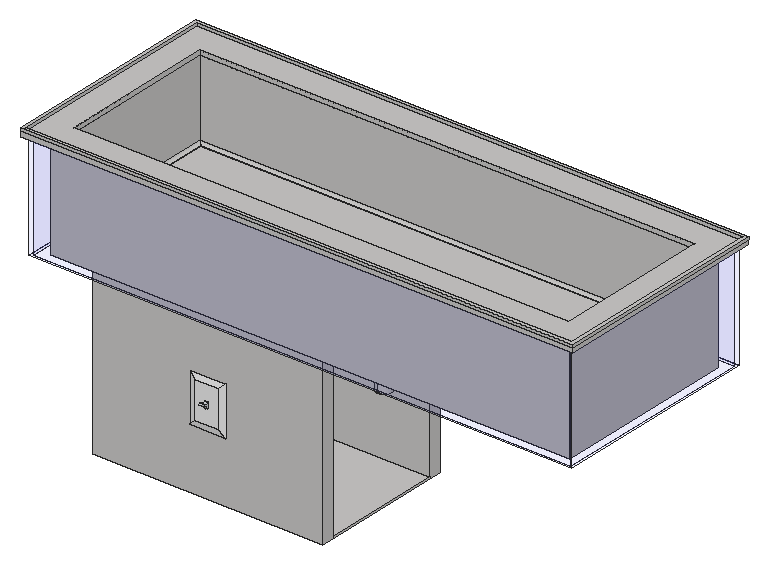
Revit family "QF_Vollrath_36652_cat", category Specialty Equipment, Revit 2016
Family settings
  Part Type = Normal
  Round Connector Dimension = Use Diameter
  OmniClass Number = 23.40.40.14.14
  OmniClass Title = Food Preparation Equipment
  Work Plane-Based = No
  Always vertical = Yes
  Cut with Voids When Loaded = No
  Shared = No
  Room Calculation Point = No
Parameters (values of type "Requires Type Catalog QF_Vollrath_SS_Refrig_Cold_Pans_cat.txt")
  Remote = no
  Overall Width A = 3' - 9 7/16"
  Weight in Pounds = 0
  Waste Water Discharge Temperature = -459.67 °F
  Volts = 120 V
  URL Cutsheet = ""
  URL = "www.vollrathco.com"
  Status [instance] = ""
  Specification by User [instance] = ""
  Specification by Manufacturer [instance] = ""
  Serial Number [instance] = ""
  Seismic Rating [instance] = ""
  SMACNA No [instance] = ""
  Revision Code [instance] = ""
  Plumbing Remarks [instance] = ""
  Plumbing Connection Type [instance] = ""
  Phase = 1
  Number of Poles [instance] = 1
  Non Remote = not(Remote)  # yes
  NAFEM Spec ID Number [instance] = ""
  Model = "-"
  Masterspec [instance] = ""
  Manufacturer = "Vollrath"
  Item Number [instance] = "-"
  Installed By [instance] = ""
  Indirect Waste Size = 1"
  Indirect Waste Flow [instance] = 0.00 GPM
  Indirect Waste Connection Type [instance] = ""
  Indirect Waste Connection Height [instance] = Height AFF - 1' 2 5/8"  # 1' - 9 3/8"
  Height AFF [instance] = 3' - 0"
  Half Display Width = Display Width D / 2  # 1' - 8 3/8"
  HP = "1/4"
  Furnished By [instance] = ""
  Foodservice Equipment Identifier [instance] = yes
  FL Amps = 4.9 A
  Electrical Remarks [instance] = ""
  Electric Connection Type [instance] = ""
  Elec Conn RI Height [instance] = 0' - 0"
  Elec Conn Connection Height [instance] = Height AFF - 1' 4"  # 1' - 8"
  Display Width D = 3' - 4 3/4"
  Description = "Short Side Refrigerated Cold Pan Drop-In"
  Cycle [instance] = 60 Hz
  Conn Plug = "NEMA 5-15P"
  CSI MasterFormat = "11 42 00"
  Assembly Code = "E1090320"
  Apparent Power = Volts * FL Amps  # 588 VA
Reference planes (in)
  plane 1 "BACK": y = 0
  plane 2: z = 0
  plane 3 "LEFT": x = -26.2853598
  plane 4 "RIGHT": x = 19.1521402
  plane 5 "FRONT": y = -18.062
  plane 6: y = -9.031
  plane 7: y = -3.0935
  plane 8: y = -2.531
  plane 9: y = -14.9685
  plane 10: y = -15.531
  plane 11 "Back of Unit": y = -3.031
  plane 12 "Front of Unit": y = -15.031
  plane 13: x = -24.7853598
  plane 14: x = -23.9416098
  plane 15: x = 16.8083902
  plane 16: x = 17.6521402
  plane 17 "Left of Unit": x = -22.7853598
  plane 18 "Right of Unit": x = -3.7853598
  plane 19: x = -3.5666098
  plane 20 "Table Top": z = 36
  plane 21 "TOP": z = 36.375
  plane 22 "Outer Bottom": z = 27.125
  plane 23 "Drain": z = 21.375
  plane 24 "BOTTOM": z = 12.5
  plane 25: z = 17.5
  plane 26: z = 21.5
  plane 27: x = -14.7853598
  plane 28: x = -11.7853598
  plane 29 "Center of Outlet": x = -13.2853598
  plane 30 "Right of Clearance": x = -0.7853598
  plane 31 "Well Bottom": z = 29.375
  plane 32 "Ledge": z = 33.375
  plane 33: y = -1.5
  plane 34: y = -16.562
Forms (in)
  Extrusion 1, solid, material "QF_Finishes_Stainless Steel"
    sketch origin (0, 0, 36.375) x (0, 1, 0) y (-1, 0, 0)
      loop
        line (0, 26.2853598) -> (-18.062, 26.2853598) -> (-18.062, -19.1521402) -> (0, -19.1521402) -> (0, 26.2853598)
      loop
        line (-2.531, 23.9416098) -> (-15.531, 23.9416098) -> (-15.531, -16.8083902) -> (-2.531, -16.8083902) -> (-2.531, 23.9416098)
    from 0 to -0.375
  Extrusion 2, solid, material "QF_Finishes_Stainless Steel"
    sketch origin (0, 0, 36) x (0, 1, 0) y (-1, 0, 0)
      loop
        line (-1.5, 24.7853598) -> (-16.562, 24.7853598) -> (-16.562, -17.6521402) -> (-1.5, -17.6521402) -> (-1.5, 24.7853598)
      loop
        line (-1.375, 24.9103598) -> (-16.687, 24.9103598) -> (-16.687, -17.7771402) -> (-1.375, -17.7771402) -> (-1.375, 24.9103598)
    from 0 to -8.875
  Extrusion 3, solid, material "QF_Finishes_Stainless Steel", visible <- "Non Remote"
    sketch origin (-22.7853598, 0, 0) x (0, 1, 0) y (0, 0, 1)
      loop
        line (-3.031, 27.125) -> (-15.031, 27.125) -> (-15.031, 12.5) -> (-14.031, 12.5) -> (-14.031, 27) -> (-4.031, 27) -> (-4.031, 12.5) -> (-3.031, 12.5) -> (-3.031, 27.125)
    from 0 to 19
  Blend 4, solid, material "QF_Finishes_White", visible <- "Non Remote"
    base sketch origin (0, -15.031, 0) x (-1, 0, 0) y (0, 0, 1)
      loop
        line (14.7853598, 21.5) -> (11.7853598, 21.5) -> (11.7853598, 17.5) -> (14.7853598, 17.5) -> (14.7853598, 21.5)
    top sketch origin (0, -15.031, 0) x (-1, 0, 0) y (0, 0, 1)
      loop
        line (14.2853598, 21) -> (12.2853598, 21) -> (12.2853598, 18) -> (14.2853598, 18) -> (14.2853598, 21)
    from 0 to -0.125
  Extrusion 5, solid, visible <- "Non Remote"
    sketch origin (-13.2853598, 0, 0) x (0, 1, 0) y (0, 0, 1)
      loop
        line (-15.156, 19.25) -> (-15.156, 19.75)
        arc (-15.156, 19.75) -> (-15.2214013, 19.6835679) -> (-15.2642966, 19.6007999) r 0.3125
        line (-15.2642966, 19.6007999) -> (-15.7151151, 19.8610801) -> (-15.7776151, 19.7528269) -> (-15.2790303, 19.4649688)
        arc (-15.2790303, 19.4649688) -> (-15.2397221, 19.344775) -> (-15.156, 19.25) r 0.3125
    from -0.125 to 0.125
  Extrusion 6, solid, material "QF_Finishes_Stainless Steel", visible <- "Non Remote"
    sketch origin (-22.7853598, 0, 0) x (0, 1, 0) y (0, 0, 1)
      loop
        line (-4.031, 12.5) -> (-4.031, 12.625) -> (-14.031, 12.625) -> (-14.031, 12.5) -> (-4.031, 12.5)
    from 0 to 19
  Extrusion 7, solid, material "QF_Finishes_Stainless Steel"
    sketch origin (0, 0, 21.375) x (0, 1, 0) y (-1, 0, 0)
      loop
        circle (-9.031, 3.5666098) r 0.5
      loop
        circle (-9.031, 3.5666098) r 0.625
    from 0 to 8
  Extrusion 8, solid, material "QF_Finishes_Clearances", visible <- "Non Remote", detail levels coarse
    sketch origin (0, 0, 12.5) x (0, 1, 0) y (-1, 0, 0)
      loop
        line (-3.031, 3.7853598) -> (-15.031, 3.7853598) -> (-15.031, 0.7853598) -> (-3.031, 0.7853598) -> (-3.031, 3.7853598)
    from 0 to 14.625
  Extrusion 9, solid, material "QF_Finishes_Clearances", visible <- "Non Remote", detail levels coarse
    sketch origin (0, 0, 12.5) x (0, 1, 0) y (-1, 0, 0)
      loop
        line (-3.031, 25.7853598) -> (-15.031, 25.7853598) -> (-15.031, 22.7853598) -> (-3.031, 22.7853598) -> (-3.031, 25.7853598)
    from 0 to 14.625
  Extrusion 10, solid, material "QF_Finishes_Clearances", visible <- "Non Remote", detail levels coarse
    sketch origin (-22.7853598, 0, 0) x (0, 1, 0) y (0, 0, 1)
      loop
        line (-3.031, 27.125) -> (-3.031, 12.5) -> (-15.031, 12.5) -> (-15.031, 17.5) -> (-15.781, 17.5) -> (-15.781, 11.75) -> (-2.281, 11.75) -> (-2.281, 27.125) -> (-3.031, 27.125)
      loop
        line (-15.031, 27.125) -> (-15.781, 27.125) -> (-15.781, 21.5) -> (-15.031, 21.5) -> (-15.031, 27.125)
    from -3 to 22
  Extrusion 11, solid, material "QF_Finishes_Clearances", visible <- "Non Remote", detail levels coarse
    sketch origin (0, -15.031, 0) x (-1, 0, 0) y (0, 0, 1)
      loop
        line (25.7853598, 21.5) -> (14.7853598, 21.5) -> (14.7853598, 17.5) -> (25.7853598, 17.5) -> (25.7853598, 21.5)
      loop
        line (0.7853598, 17.5) -> (11.7853598, 17.5) -> (11.7853598, 21.5) -> (0.7853598, 21.5) -> (0.7853598, 17.5)
    from 0 to -0.75
  Sweep 12, solid, material "QF_Finishes_Stainless Steel"
    path origin (0, 0, 36) x (0, 1, 0) y (-1, 0, 0)
      loop
        line (-2.531, 23.9416098) -> (-15.531, 23.9416098) -> (-15.531, -16.8083902) -> (-2.531, -16.8083902) -> (-2.531, 23.9416098)
    profile origin (-3.5666098, -2.531, 36) x (0, 1, 0) y (0, 0, 1)
      loop
        line (0, 0) -> (0, -6.25)
        arc (0, -6.25) -> (-0.0732233, -6.4267767) -> (-0.25, -6.5) r 0.25
        line (-0.25, -6.5) -> (-0.25, -6.625)
        arc (-0.25, -6.625) -> (0.015165, -6.515165) -> (0.125, -6.25) r 0.375
        line (0.125, -6.25) -> (0.125, 0) -> (0, 0)
  Extrusion 13, solid, material "QF_Finishes_Stainless Steel"
    sketch origin (0, 0, 29.375) x (0, 1, 0) y (-1, 0, 0)
      loop
        line (-2.781, 23.6916098) -> (-15.281, 23.6916098) -> (-15.281, -16.5583902) -> (-2.781, -16.5583902) -> (-2.781, 23.6916098)
      loop
        circle (-9.031, 3.5666098) r 0.5
    from 0 to 0.125
  Extrusion 14, solid, material "QF_Finishes_Stainless Steel"
    sketch origin (-240, 61.8183539, 27.125) x (0, 1, 0) y (-1, 0, 0)
      loop
        line (-63.3183539, -215.2146402) -> (-78.3803539, -215.2146402) -> (-78.3803539, -257.6521402) -> (-63.3183539, -257.6521402) -> (-63.3183539, -215.2146402)
      loop
        circle (-70.8493539, -236.4333902) r 0.5
    from 0 to 0.125
  Extrusion 15, solid, material "QF_Finishes_Clearances"
    sketch origin (0, 0, 36) x (0, 1, 0) y (-1, 0, 0)
      loop
        line (-0.375, 25.9103598) -> (-17.687, 25.9103598) -> (-17.687, -18.7771402) -> (-0.375, -18.7771402) -> (-0.375, 25.9103598)
      loop
        line (-0.625, 25.6603598) -> (-17.437, 25.6603598) -> (-17.437, -18.5271402) -> (-0.625, -18.5271402) -> (-0.625, 25.6603598)
    from 0 to -8.875
  Extrusion 16, solid, material "QF_Finishes_Stainless Steel"
    sketch origin (0, 0, 36.375) x (0, 1, 0) y (-1, 0, 0)
      loop
        line (0, 26.2853598) -> (-18.062, 26.2853598) -> (-18.062, -19.1521402) -> (0, -19.1521402) -> (0, 26.2853598)
      loop
        line (-0.25, 26.0353598) -> (-17.812, 26.0353598) -> (-17.812, -18.9021402) -> (-0.25, -18.9021402) -> (-0.25, 26.0353598)
    from 0 to 0.25
Lines and regions (in)
  symbolic lines
    curve 1: line (-26.2853598, 0, 12.5) -> (19.1521402, 0, 12.5)
    curve 2: line (-26.2853598, -18.062, 12.5) -> (-26.2853598, 0, 12.5)
    curve 3: line (19.1521402, -18.062, 12.5) -> (-26.2853598, -18.062, 12.5)
    curve 4: line (19.1521402, 0, 12.5) -> (19.1521402, -18.062, 12.5)
    curve 5: line (-23.9416098, -15.531, 33.375) -> (-23.9416098, -2.531, 33.375)
    curve 6: line (16.8083902, -15.531, 33.375) -> (-23.9416098, -15.531, 33.375)
    curve 7: line (16.8083902, -2.531, 33.375) -> (16.8083902, -15.531, 33.375)
    curve 8: line (-23.9416098, -2.531, 33.375) -> (16.8083902, -2.531, 33.375)
    curve 9: arc (-3.5666098, -9.531, 33.375) -> (-4.0666098, -9.031, 33.375) -> (-3.5666098, -8.531, 33.375) r 0.5
    curve 10: arc (-3.5666098, -8.531, 33.375) -> (-3.0666098, -9.031, 33.375) -> (-3.5666098, -9.531, 33.375) r 0.5
  model lines, style "QF_Cutout"
    curve 11: line (-25.9103598, -0.375, 36.375) -> (-25.9103598, -0.375, 42.375)
    curve 12: line (18.7771402, -0.375, 36.375) -> (18.7771402, -0.375, 42.375)
    curve 13: line (-25.9103598, -17.687, 36.375) -> (-25.9103598, -17.687, 42.375)
    curve 14: line (18.7771402, -17.687, 36.375) -> (18.7771402, -17.687, 42.375)
Dimensions and locks (in)
  "Overall Width A": plane 3 "LEFT" to plane 4 "RIGHT"
  locked: plane 5 "FRONT" to plane 1 "BACK" at 18.062
  equal spacing: plane 5 "FRONT", plane 6, plane 1 "BACK"
  locked: plane 3 "LEFT" to plane 13 at 1.5
  locked: plane 16 to plane 4 "RIGHT" at 1.5
  locked: plane 3 "LEFT" to plane 17 "Left of Unit" at 3.5
  locked: plane 17 "Left of Unit" to plane 18 "Right of Unit" at 19
  "Height AFF": plane 20 "Table Top" to level
  locked: plane 21 "TOP" to plane 20 "Table Top" at 0.375
  plane 20 "Table Top" to plane 22 "Outer Bottom" = 0' - 8 7/8"
  plane 22 "Outer Bottom" to plane 23 "Drain" = 0' - 5 3/4"
  locked: plane 25 to plane 24 "BOTTOM" at 5
  locked: plane 26 to plane 25 at 4
  locked: plane 17 "Left of Unit" to plane 27 at 8
  locked: plane 27 to plane 28 at 3
  equal spacing: plane 27, plane 29 "Center of Outlet", plane 28
  locked: plane 18 "Right of Unit" to plane 30 "Right of Clearance" at 3
  locked: Extrusion 9 sketch curve to plane 17 "Left of Unit" at 3
  locked: Extrusion 10 sketch curve to plane 11 "Back of Unit" at 0.75
  locked: plane 24 "BOTTOM" to Extrusion 10 sketch curve at 0.75
  locked: plane 12 "Front of Unit" to Extrusion 10 sketch curve at 0.75  (x2)
  locked: plane 17 "Left of Unit" to Extrusion 11 sketch curve at 3
  locked: plane 22 "Outer Bottom" to plane 24 "BOTTOM" at 14.625
  equal spacing: plane 3 "LEFT", plane 19, plane 4 "RIGHT"
  "Half Display Width": plane 14 to plane 19
  "Half Display Width": plane 19 to plane 15
  locked: plane 20 "Table Top" to plane 31 "Well Bottom" at 6.625
  locked: plane 21 "TOP" to plane 32 "Ledge" at 3
  locked: plane 8 to plane 11 "Back of Unit" at 0.5
  locked: plane 12 "Front of Unit" to plane 10 at 0.5
  locked: plane 8 to plane 1 "BACK" at 2.531
  locked: plane 5 "FRONT" to plane 10 at 2.531
  locked: plane 1 "BACK" to plane 11 "Back of Unit" at 3.031
  locked: plane 9 to plane 5 "FRONT" at 3.0935
  locked: plane 33 to plane 1 "BACK" at 1.5
  locked: plane 5 "FRONT" to plane 34 at 1.5
  locked: Extrusion 15 sketch curve to plane 1 "BACK" at 0.375
  locked: Extrusion 15 sketch curve to plane 1 "BACK" at 0.625
  locked: Extrusion 15 sketch curve to plane 5 "FRONT" at 0.375
  locked: Extrusion 15 sketch curve to plane 5 "FRONT" at 0.625
  locked: plane 3 "LEFT" to Extrusion 15 sketch curve at 0.375
  locked: plane 3 "LEFT" to Extrusion 15 sketch curve at 0.625
  locked: Extrusion 15 sketch curve to plane 4 "RIGHT" at 0.375
  locked: Extrusion 15 sketch curve to plane 4 "RIGHT" at 0.625
  locked: plane 3 "LEFT" to Extrusion 16 sketch curve at 0.25
  locked: Extrusion 16 sketch curve to plane 4 "RIGHT" at 0.25
  locked: Extrusion 16 sketch curve to plane 1 "BACK" at 0.25
  locked: Extrusion 16 sketch curve to plane 5 "FRONT" at 0.25
  aligned and locked: level to plane 2
  aligned and locked: plane 1 "BACK" to Extrusion 1 sketch curve
  aligned and locked: plane 3 "LEFT" to Extrusion 1 sketch curve
  aligned and locked: Extrusion 1 sketch curve to plane 5 "FRONT"
  aligned and locked: Extrusion 1 sketch curve to plane 4 "RIGHT"
  aligned and locked: Extrusion 1 to plane 20 "Table Top"
  aligned and locked: plane 13 to Extrusion 2 sketch curve
  aligned and locked: Extrusion 2 sketch curve to plane 16
  aligned and locked: Extrusion 2 to plane 22 "Outer Bottom"
  aligned and locked: plane 11 "Back of Unit" to Extrusion 3 sketch curve
  aligned and locked: Extrusion 3 sketch curve to plane 22 "Outer Bottom"
  aligned and locked: plane 18 "Right of Unit" to Extrusion 3
  aligned and locked: plane 12 "Front of Unit" to Extrusion 3 sketch curve
  aligned and locked: plane 26 to Blend 4 sketch curve
  aligned and locked: Blend 4 sketch curve to plane 27
  aligned and locked: Blend 4 sketch curve to plane 25
  aligned and locked: Blend 4 sketch curve to plane 28
  aligned and locked: plane 24 "BOTTOM" to Extrusion 3 sketch curve
  aligned and locked: Extrusion 3 sketch curve to plane 24 "BOTTOM"
  aligned and locked: Extrusion 6 sketch curve to Extrusion 3  (x2)
  aligned and locked: Extrusion 6 sketch curve to plane 24 "BOTTOM"
  aligned and locked: plane 18 "Right of Unit" to Extrusion 6
  aligned: plane 22 "Outer Bottom" to Extrusion 7
  aligned and locked: Extrusion 8 sketch curve to plane 11 "Back of Unit"
  aligned and locked: Extrusion 8 sketch curve to plane 30 "Right of Clearance"
  aligned and locked: plane 18 "Right of Unit" to Extrusion 8 sketch curve
  aligned and locked: plane 12 "Front of Unit" to Extrusion 8 sketch curve
  aligned and locked: plane 22 "Outer Bottom" to Extrusion 8
  aligned and locked: Extrusion 9 sketch curve to plane 17 "Left of Unit"
  aligned and locked: Extrusion 9 sketch curve to plane 11 "Back of Unit"
  aligned and locked: plane 12 "Front of Unit" to Extrusion 9 sketch curve
  aligned: plane 23 "Drain" to Extrusion 9
  aligned and locked: plane 22 "Outer Bottom" to Extrusion 10 sketch curve
  aligned and locked: plane 11 "Back of Unit" to Extrusion 10 sketch curve
  aligned and locked: Extrusion 10 sketch curve to plane 24 "BOTTOM"
  aligned and locked: Extrusion 10 sketch curve to plane 12 "Front of Unit"
  aligned and locked: Extrusion 10 sketch curve to plane 22 "Outer Bottom"
  aligned and locked: Extrusion 10 sketch curve to plane 26
  aligned and locked: plane 25 to Extrusion 10 sketch curve
  aligned and locked: plane 30 "Right of Clearance" to Extrusion 10
  aligned and locked: Extrusion 11 sketch curve to plane 26
  aligned and locked: plane 25 to Extrusion 11 sketch curve
  aligned and locked: Extrusion 11 sketch curve to plane 30 "Right of Clearance"
  aligned and locked: Extrusion 11 sketch curve to plane 27
  aligned and locked: Extrusion 11 sketch curve to plane 28
  aligned and locked: plane 3 "LEFT" to curve 2
  aligned and locked: plane 1 "BACK" to curve 1
  aligned and locked: curve 3 to plane 5 "FRONT"
  aligned and locked: curve 4 to plane 4 "RIGHT"
  aligned and locked: Extrusion 1 sketch curve to plane 8
  aligned and locked: plane 14 to Extrusion 1 sketch curve
  aligned and locked: plane 10 to Extrusion 1 sketch curve
  aligned and locked: Extrusion 1 sketch curve to plane 15
  aligned and locked: Sweep 12 sketch curve to plane 8
  aligned and locked: plane 14 to Sweep 12 sketch curve
  aligned and locked: plane 10 to Sweep 12 sketch curve
  aligned and locked: Sweep 12 sketch curve to plane 15
  aligned and locked: plane 20 "Table Top" to Sweep 12 sketch curve
  aligned and locked: Sweep 12 to Extrusion 13 sketch curve  (x4)
  aligned and locked: plane 31 "Well Bottom" to Extrusion 7
  aligned and locked: plane 22 "Outer Bottom" to Extrusion 9
  aligned and locked: plane 13 to Extrusion 14 sketch curve
  aligned and locked: Extrusion 14 sketch curve to plane 16
  aligned and locked: plane 33 to Extrusion 2 sketch curve
  aligned and locked: Extrusion 2 sketch curve to plane 34
  aligned and locked: Extrusion 14 sketch curve to plane 34
  aligned and locked: plane 33 to Extrusion 14 sketch curve
  aligned and locked: Extrusion 15 to plane 22 "Outer Bottom"
  aligned and locked: plane 1 "BACK" to Extrusion 16 sketch curve
  aligned and locked: plane 3 "LEFT" to Extrusion 16 sketch curve
  aligned and locked: Extrusion 16 sketch curve to plane 5 "FRONT"
  aligned and locked: Extrusion 16 sketch curve to plane 4 "RIGHT"
Automatic sketch dimensions
  plane 16 to Extrusion 2 sketch curve = 0' - 0 1/8"
  plane 7 to Extrusion 2 sketch curve = 0' - 1.7185"
  Extrusion 2 sketch curve to plane 13 = 0' - 0 1/8"
  Extrusion 2 sketch curve to plane 9 = 0' - 1.7185"
  Blend 4 sketch curve to plane 26 = 0' - 0 1/2"
  plane 28 to Blend 4 sketch curve = 0' - 0 1/2"
  plane 25 to Blend 4 sketch curve = 0' - 0 1/2"
  plane 27 to Blend 4 sketch curve = 0' - 0 1/2"
  Extrusion 5 sketch curve to Extrusion 5 sketch curve = 0' - 0"  (x2)
  Extrusion 5 sketch curve to plane 10 = 0' - 0.24662"
  Extrusion 5 sketch curve to Extrusion 5 sketch curve = 0' - 0 1/16"
  Extrusion 5 sketch curve to plane 12 "Front of Unit" = 0' - 0.24803"
  Extrusion 5 sketch curve to Extrusion 5 sketch curve = 0' - 0.01473"
  Extrusion 5 sketch curve to plane 12 "Front of Unit" = 0' - 0 1/8"
  plane 12 "Front of Unit" to Extrusion 5 sketch curve = 0' - 0 1/16"
  plane 25 to Extrusion 5 sketch curve = 0' - 1 3/4"
  Extrusion 5 sketch curve to Extrusion 5 sketch curve = 0' - 0 1/4"
  Extrusion 5 sketch curve to Extrusion 5 sketch curve = 0' - 0.13583"
  Extrusion 7 sketch curve to plane 6 = 0' - 0"
  Extrusion 7 sketch curve to plane 19 = 0' - 0"
  Extrusion 7 sketch curve to Extrusion 7 sketch curve = 0' - 0"  (x2)
  Extrusion 10 sketch curve to plane 12 "Front of Unit" = 0' - 0"
  Extrusion 11 sketch curve to plane 25 = 0' - 0"
  Extrusion 11 sketch curve to plane 26 = 0' - 0"
  Extrusion 14 sketch curve to plane 6 = 0' - 0"
  Extrusion 14 sketch curve to plane 19 = 0' - 0"
  curve 10 to plane 19 = 0' - 0"
  curve 10 to plane 6 = 0' - 0"
  curve 10 to plane 6 = 0' - 0 1/2"
  curve 5 to plane 14 = 0' - 0"
  curve 8 to plane 8 = 0' - 0"
  curve 6 to plane 10 = 0' - 0"
  curve 7 to plane 15 = 0' - 0"
  Extrusion 3 sketch curve to plane 22 "Outer Bottom" = 0' - 0 1/8"
  plane 9 to Extrusion 3 sketch curve = 0' - 0 15/16"
  Extrusion 3 sketch curve to plane 7 = 0' - 0 15/16"
  Extrusion 6 sketch curve to Extrusion 6 sketch curve = 0' - 0 1/8"
  Sweep 12 sketch curve to Sweep 12 sketch curve = 0' - 0"  (x2)
  Sweep 12 sketch curve to profile plane = 0' - 0"
  profile plane to Sweep 12 sketch curve = 0' - 0 1/4"
  Sweep 12 sketch curve to Sweep 12 sketch curve = 0' - 0 1/8"
  Sweep 12 sketch curve to plane 20 "Table Top" = 0' - 6 1/4"
  Extrusion 13 sketch curve to plane 6 = 0' - 0"
  Extrusion 13 sketch curve to plane 19 = 0' - 0"
  Extrusion 15 to curve 11 = 0' - 0"
  Extrusion 15 to curve 12 = 0' - 0"
  curve 11 to Extrusion 15 = 0' - 6 3/8"
  curve 12 to Extrusion 15 = 0' - 6 3/8"
  curve 12 to Extrusion 15 = 0' - 0 3/8"
  curve 11 to Extrusion 15 = 0' - 0 3/8"
  curve 14 to Extrusion 15 = 0' - 0"
  curve 13 to Extrusion 15 = 0' - 0"
  curve 13 to Extrusion 15 = 0' - 6 3/8"
  curve 14 to Extrusion 15 = 0' - 6 3/8"
  curve 14 to Extrusion 15 = 0' - 0 3/8"
  curve 13 to Extrusion 15 = 0' - 0 3/8"
  radius of Extrusion 7 sketch curve = 0' - 0 1/2"
  radius of Extrusion 7 sketch curve = 0' - 0 5/8"
  radius of Extrusion 14 sketch curve = 0' - 0 1/2"
  radius of Extrusion 13 sketch curve = 0' - 0 1/2"
Connectors (in)
  electrical at (-13.2853598, -14.531, 12.5), driven by "Number of Poles", driven by "Volts", driven by "Apparent Power"
    settings: on Extrusion 3, index 1, voltage 120 V, apparent load 588 VA, apparent load phase1 0 VA, apparent load phase2 0 VA, apparent load phase3 0 VA, power factor 1, load classification "Other", number of poles 1, system type 30, power factor state 1, is connector primary yes, connector utility no, sub classification motor no, connector description "Electric"
  piping at (-3.5666098, -9.031, 21.375), diameter 1, driven by "Indirect Waste Flow"
    settings: on Extrusion 7, index 2, connector inside diameter 1", connector length 0' - 0", flow factor 0, pipe flow 0.00 GPM, pressure drop 0.00 psi, fitting loss kfactor 0, connector angle 0.00°, fixture units 0, engagement length 0' - 0", angle of deflection 0.00°, flow configuration 1, flow direction 2, fitting loss method 0, system type 16, joint type 0, gender type 0, connector reference index -1, connector utility 0, adjustable connector no, is connector primary yes, connector description "Indirect Waste"
